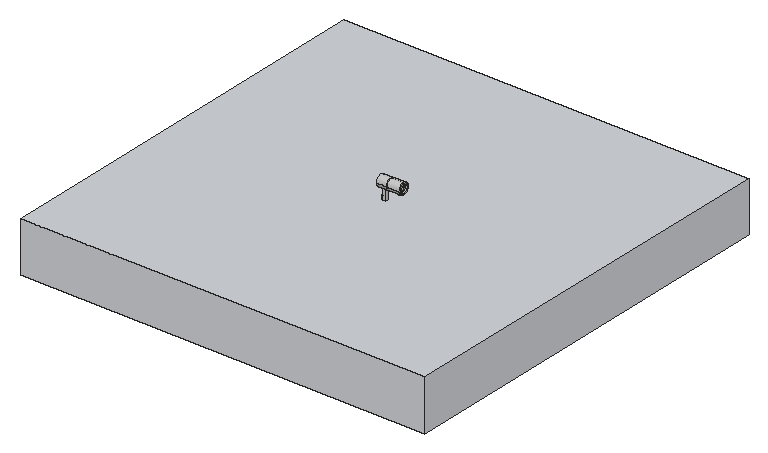
Revit family "LAMP_HANCE 48V 1000-2000 FLOOD DALI", category Luminarias, Revit 2015
Parameters (values of type "625LM 2700 FLOOD BLACK")
  Weight = 0.435 kg
  Type = "COB PHILIPS"
  Tilting angle [instance] = 90.00°
  Tilting [instance] = if(Tilting angle < 0.00°, 0.00°, if(Tilting angle > 90.00°, 90.00°, Tilting angle))  # 90.00°
  Rotation angle [instance] = 90.00°
  Protection rating = "IP20"
  Product datasheet = "http://www.lamp.es/product-files/TECH/HS1TL10FL827DBB-EN.pdf"
  Product code = "HS1TL10FL827DBB"
  Product URL = "https://www.lamp.es/en/family/hance-48v_195581"
  Power Supply = "48V DC"
  Power = 9 W
  Plum = 9.4 W
  Photometric web file = Cuerpo Hance 48V BASE 1000_2000 (tilting)_FL : 625LM 2700 FLOOD BLACK
  Modelo = Product code  # "HS1TL10FL827DBB"
  Model explanation = "Availability of tilting between 0º and 90º, rotation between 0º and 355º and change ring color when placed in a project."
  Material tija = LAMP_Aluminio Hance Negro
  Manufacturer name = "LAMP"
  Manufacturer country = "Spain"
  Manufacturer URL = "http://www.lamp.es/en"
  MacAdam = "3"
  Luminaire type = "Indoor - Spotlight"
  Last update = "02/04/2019"
  Lamp = "COB LED"
  LED Lifetime = "50.000 L90 B10"
  Insulation class = "III"
  Installation instructions = "https://www.lamp.es/product-files/INS/1004290-B-INSTR.%20DE%20MONTAJE%20HANCE%2048V.pdf"
  Initial intensity = 625 lm
  Initial color = 2700 K
  IEE = "A+"
  Height = 135 mm
  Gear = "Adjustable DALI"
  Finish = "RAL9011 textured"
  Fabricante = Manufacturer name  # "LAMP"
  Default Elevation = 1219.2 mm
  Efficacy = 66 lm/W
  Diameter = 65 mm
  Descripción = "HANCE TRACK 48 1000 VWW FL DALI BK."
  Decorative ring [instance] = Aro decorativo 48V (tilting) (1000-2000) : Black
  Comentarios de tipo = Model explanation  # "Availability of tilting between 0º and 90º, rotation between 0º and 355º and change ring color when placed in a project."
  CRI = "80"
Types (12, lengths in mm): name | Product datasheet | Product code | Power | Plum | Photometric web file | Modelo | Material tija | LED Lifetime | Initial intensity | Initial color | Finish | Efficacy | Descripción
  625LM 2700 FLOOD BLACK | "http://www.lamp.es/product-files/TECH/HS1TL10FL827DBB-EN.pdf" | "HS1TL10FL827DBB" | 9 W | 9.4 W | Cuerpo Hance 48V BASE 1000_2000 (tilting)_FL : 625LM 2700 FLOOD BLACK | "HS1TL10FL827DBB" | LAMP_Aluminio Hance Negro | "50.000 L90 B10" | 625 lm | 2700 K | "RAL9011 textured" | 66 lm/W | "HANCE TRACK 48 1000 VWW FL DALI BK."
  625LM 2700 FLOOD WHITE | "http://www.lamp.es/product-files/TECH/HS1TL10FL827DBW-EN.pdf" | "HS1TL10FL827DBW" | 9 W | 9.4 W | Cuerpo Hance 48V BASE 1000_2000 (tilting)_FL : 625LM 2700 FLOOD WHITE | "HS1TL10FL827DBW" | LAMP_Aluminio Hance Blanco | "50.000 L90 B10" | 625 lm | 2700 K | "RAL9010 textured" | 66 lm/W | "HANCE TRACK 48 1000 VWW FL DALI WH."
  637LM 3000 FLOOD BLACK | "http://www.lamp.es/product-files/TECH/HS1TL10FL830DBB-EN.pdf" | "HS1TL10FL830DBB" | 9 W | 9.4 W | Cuerpo Hance 48V BASE 1000_2000 (tilting)_FL : 637LM 3000 FLOOD BLACK | "HS1TL10FL830DBB" | LAMP_Aluminio Hance Negro | "50.000 L90 B10" | 637 lm | 3000 K | "RAL9011 textured" | 68 lm/W | "HANCE TRACK 48 1000 WW FL DALI BK."
  637LM 3000 FLOOD WHITE | "http://www.lamp.es/product-files/TECH/HS1TL10FL830DBW-EN.pdf" | "HS1TL10FL830DBW" | 9 W | 9.4 W | Cuerpo Hance 48V BASE 1000_2000 (tilting)_FL : 637LM 3000 FLOOD WHITE | "HS1TL10FL830DBW" | LAMP_Aluminio Hance Blanco | "50.000 L90 B10" | 637 lm | 3000 K | "RAL9010 textured" | 68 lm/W | "HANCE TRACK 48 1000 WW FL DALI WH."
  675LM 4000 FLOOD BLACK | "http://www.lamp.es/product-files/TECH/HS1TL10FL840DBB-EN.pdf" | "HS1TL10FL840DBB" | 9 W | 9.4 W | Cuerpo Hance 48V BASE 1000_2000 (tilting)_FL : 675LM 4000 FLOOD BLACK | "HS1TL10FL840DBB" | LAMP_Aluminio Hance Negro | "50.000 L90 B10" | 675 lm | 4000 K | "RAL9011 textured" | 72 lm/W | "HANCE TRACK 48 1000 NW FL DALI BK."
  675LM 4000 FLOOD WHITE | "http://www.lamp.es/product-files/TECH/HS1TL10FL840DBW-EN.pdf" | "HS1TL10FL840DBW" | 9 W | 9.4 W | Cuerpo Hance 48V BASE 1000_2000 (tilting)_FL : 675LM 4000 FLOOD WHITE | "HS1TL10FL840DBW" | LAMP_Aluminio Hance Blanco | "50.000 L90 B10" | 675 lm | 4000 K | "RAL9010 textured" | 72 lm/W | "HANCE TRACK 48 1000 NW FL DALI WH."
  1357LM 2700 FLOOD BLACK | "http://www.lamp.es/product-files/TECH/HS1TL20FL827DBB-EN.pdf" | "HS1TL20FL827DBB" | 18 W | 16.9 W | Cuerpo Hance 48V BASE 1000_2000 (tilting)_FL : 1357LM 2700 FLOOD BLACK | "HS1TL20FL827DBB" | LAMP_Aluminio Hance Negro | "50.000 L80 B10" | 1357 lm | 2700 K | "RAL9011 textured" | 80 lm/W | "HANCE TRACK 48 2000 VWW FL DALI BK."
  1357LM 2700 FLOOD WHITE | "http://www.lamp.es/product-files/TECH/HS1TL20FL827DBW-EN.pdf" | "HS1TL20FL827DBW" | 18 W | 16.9 W | Cuerpo Hance 48V BASE 1000_2000 (tilting)_FL : 1357LM 2700 FLOOD WHITE | "HS1TL20FL827DBW" | LAMP_Aluminio Hance Blanco | "50.000 L80 B10" | 1357 lm | 2700 K | "RAL9010 textured" | 80 lm/W | "HANCE TRACK 48 2000 VWW FL DALI WH."
  1384LM 3000 FLOOD BLACK | "http://www.lamp.es/product-files/TECH/HS1TL20FL830DBB-EN.pdf" | "HS1TL20FL830DBB" | 18 W | 16.9 W | Cuerpo Hance 48V BASE 1000_2000 (tilting)_FL : 1384LM 3000 FLOOD BLACK | "HS1TL20FL830DBB" | LAMP_Aluminio Hance Negro | "50.000 L80 B10" | 1384 lm | 3000 K | "RAL9011 textured" | 82 lm/W | "HANCE TRACK 48 2000 WW FL DALI BK."
  1384LM 3000 FLOOD WHITE | "http://www.lamp.es/product-files/TECH/HS1TL20FL830DBW-EN.pdf" | "HS1TL20FL830DBW" | 18 W | 16.9 W | Cuerpo Hance 48V BASE 1000_2000 (tilting)_FL : 1384LM 3000 FLOOD WHITE | "HS1TL20FL830DBW" | LAMP_Aluminio Hance Blanco | "50.000 L80 B10" | 1384 lm | 3000 K | "RAL9010 textured" | 82 lm/W | "HANCE TRACK 48 2000 WW FL DALI WH."
  1467LM 4000 FLOOD BLACK | "http://www.lamp.es/product-files/TECH/HS1TL20FL840DBB-EN.pdf" | "HS1TL20FL840DBB" | 18 W | 16.9 W | Cuerpo Hance 48V BASE 1000_2000 (tilting)_FL : 1467LM 4000 FLOOD BLACK | "HS1TL20FL840DBB" | LAMP_Aluminio Hance Negro | "50.000 L80 B10" | 1467 lm | 4000 K | "RAL9011 textured" | 87 lm/W | "HANCE TRACK 48 2000 NW FL DALI BK."
  1467LM 4000 FLOOD WHITE | "http://www.lamp.es/product-files/TECH/HS1TL20FL840DBW-EN.pdf" | "HS1TL20FL840DBW" | 18 W | 16.9 W | Cuerpo Hance 48V BASE 1000_2000 (tilting)_FL : 1467LM 4000 FLOOD WHITE | "HS1TL20FL840DBW" | LAMP_Aluminio Hance Blanco | "50.000 L80 B10" | 1467 lm | 4000 K | "RAL9010 textured" | 87 lm/W | "HANCE TRACK 48 2000 NW FL DALI WH."
Reference planes
  plane 1 "Centro (Frontal/Posterior)": y = 0
  plane 2: z = 0
  plane 3 "Centro (Izquierda/Derecha)": x = 0
Forms (mm)
  Extrusion 1, solid
    sketch origin (0, 0, 0) x (1, 0, 0) y (0, 1, 0)
      loop
        line (-1219.2, 1219.2) -> (-1219.2, -1219.2) -> (1219.2, -1219.2) -> (1219.2, 1219.2) -> (-1219.2, 1219.2)
    from 0 to -304.8
Lines and regions (mm)
  reference lines
    curve 1: line (0, 0, 0) -> (35, 0, 0)
Text (mm)
  text "Any modification of the parameters and properties of the LAMP BIM models must be executed and validated by the LAMP technical department.\n\nPhone: +34 93 736 68 00\n\nE-mail: lamp@lamp.es\n\n\n\nLAMP reserves the right to modify the technical specifications of its products." at (-20834.097, 15882.061, -4447.286), in view "Preview"
Dimensions and locks
  "Rotation angle": angle curve 1 to plane 3 "Centro (Izquierda/Derecha)"
  aligned and locked: plane 2 to Extrusion 1
  aligned and locked: level to Extrusion 1
  aligned and locked: plane 3 "Centro (Izquierda/Derecha)" to curve 1
  aligned and locked: plane 1 "Centro (Frontal/Posterior)" to curve 1
Automatic sketch dimensions
  Extrusion 1 sketch curve to Extrusion 1 sketch curve = 2438.4 mm  (x2)
Nested families
  nested 1: "Tija 48V (1000-2000)" at (4.1, 0, 0), type "Tija 48V"
  nested 2: "Cuerpo Hance 48V BASE 1000_2000 (tilting)_FL" at (1.081, -1.967, 77.249) x (1, 0, 0) z (0, 0, -1), type <- "Photometric web file", type "625LM 2700 FLOOD BLACK"
  nested 3: "Aro decorativo 48V (tilting) (1000-2000)" at (57.856, 0, 77.274) x (0, 0, 1) z (1, 0, 0), type <- "Decorative ring", type "Black"
    with Tilting 0.00°
Definition of nested family "Tija 48V (1000-2000)"
  Parameters (values of type "Tija 48V")
    Profundidad tija = 18 mm
    Material tija = none
    Default Elevation = 1219.2 mm
    Diametro vaciado redondo = if(Anchura tija = 20 mm, 10 mm, 7.5 mm)  # 10 mm
    Anchura tija = 20 mm
    Profundo vaciado = if(Profundidad tija = 18 mm, 10.8 mm, 1 mm)  # 10.8 mm
    Ancho vaciado = Anchura tija  # 20 mm
    Altura tija = 88.5 mm
  Reference planes
    plane 1 "Centro (Frontal/Posterior)": y = 0
    plane 2: z = 0
    plane 3 "Centro (Izquierda/Derecha)": x = 0
  Forms (mm)
    Extrusion 1, solid
      sketch origin (0, 0, 0) x (1, 0, 0) y (0, 1, 0)
        loop
          line (-1219.2, 1219.2) -> (-1219.2, -1219.2) -> (1219.2, -1219.2) -> (1219.2, 1219.2) -> (-1219.2, 1219.2)
      from 0 to -304.8
    Extrusion 2, solid, material <- "Material tija"
      sketch origin (0, 0, -18) x (1, 0, 0) y (0, 0, 1)
        loop
          line (13.9, 18) -> (13.9, 106.5) -> (-6.297, 106.5)
          arc (-6.297, 106.5) -> (-12.297, 100.5) -> (-6.297, 94.5) r 6
          line (-6.297, 94.5) -> (-4.1, 94.5) -> (-4.1, 40) -> (-18.142, 40) -> (-18.142, 18) -> (-4.1, 18) -> (13.9, 18)
      from -10 to 10
    Extrusion 3, void
      sketch origin (10.8, -11.5, 0) x (-1, 0, 0) y (0, 1, 0)
        loop
          line (0, 21.5) -> (-28.341, 21.5) -> (-28.341, 1.5) -> (0, 1.5)
          arc (0, 1.5) -> (-1.264, 11.5) -> (0, 21.5) r 40.201
      from -132.265 to 0
    Extrusion 4, void
      sketch origin (27.648, 0, 0) x (1, 0, 0) y (0, 1, 0)
        loop
          line (-31.748, 10) -> (-31.748, 20) -> (-61.648, 20) -> (-61.648, -18.394) -> (-31.748, -18.394) -> (-31.748, -10)
          arc (-31.748, -10) -> (-41.748, 0) -> (-31.748, 10) r 10
      from 0 to 22
    Extrusion 5, void
      sketch origin (0, 0, 0) x (1, 0, 0) y (0, 0, 1)
        loop
          circle (-7.621, 82.5) r 3.125
        loop
          circle (-7.621, 46.9) r 3.125
      from -21.347 to 27.483
  Cuts and joins
    Extrusion 3, Extrusion 4, Extrusion 5 cuts Extrusion 2
  Lines and regions (mm)
    reference lines
      curve 1: line (10.8, -11.5, 0) -> (10.8, 11.5, 0)
  Dimensions and locks
    equal spacing: cut or joined group of Extrusion 2, Extrusion 3, Extrusion 4, Extrusion 5, plane 1 "Centro (Frontal/Posterior)", cut or joined group of Extrusion 2, Extrusion 3, Extrusion 4, Extrusion 5
    "Anchura tija": cut or joined group of Extrusion 2, Extrusion 3, Extrusion 4, Extrusion 5 to cut or joined group of Extrusion 2, Extrusion 3, Extrusion 4, Extrusion 5
    plane 1 "Centro (Frontal/Posterior)" to Extrusion 3 sketch curve = 10 mm
    "Altura tija": Extrusion 2 sketch curve to Extrusion 2 sketch curve
    "Profundidad tija": cut or joined group of Extrusion 2, Extrusion 3, Extrusion 4, Extrusion 5 to cut or joined group of Extrusion 2, Extrusion 3, Extrusion 4, Extrusion 5
    locked: cut or joined group of Extrusion 2, Extrusion 3, Extrusion 4, Extrusion 5 to plane 3 "Centro (Izquierda/Derecha)" at 4.1
    locked: plane 3 "Centro (Izquierda/Derecha)" to Extrusion 3 sketch curve at 39.141
    "Profundo vaciado": plane 3 "Centro (Izquierda/Derecha)" to curve 1
    "Ancho vaciado": Extrusion 3 sketch curve to Extrusion 3 sketch curve
    equal spacing: Extrusion 3 sketch curve, plane 1 "Centro (Frontal/Posterior)", Extrusion 3 sketch curve
    "Diametro vaciado redondo": radius of Extrusion 4 sketch curve
    aligned and locked: plane 2 to Extrusion 1
    aligned and locked: level to Extrusion 1
  Automatic sketch dimensions
    Extrusion 1 sketch curve to Extrusion 1 sketch curve = 2438.4 mm  (x2)
    Extrusion 5 sketch curve to plane 3 "Centro (Izquierda/Derecha)" = 7.621 mm  (x2)
    level to Extrusion 5 sketch curve = 46.9 mm
    Extrusion 5 sketch curve to Extrusion 5 sketch curve = 35.6 mm
    Extrusion 5 sketch curve to Extrusion 5 sketch curve = 3.125 mm  (x2)
    Extrusion 2 sketch curve to level = 0 mm
    Extrusion 2 sketch curve to plane 3 "Centro (Izquierda/Derecha)" = 18.142 mm
    Extrusion 2 sketch curve to plane 3 "Centro (Izquierda/Derecha)" = 6.297 mm
    Extrusion 2 sketch curve to plane 3 "Centro (Izquierda/Derecha)" = 4.1 mm  (x2)
    plane 3 "Centro (Izquierda/Derecha)" to Extrusion 2 sketch curve = 13.9 mm
    level to Extrusion 2 sketch curve = 22 mm
    Extrusion 2 sketch curve to Extrusion 2 sketch curve = 12 mm
    plane 1 "Centro (Frontal/Posterior)" to curve 1 = 11.5 mm
    curve 1 to plane 1 "Centro (Frontal/Posterior)" = 11.5 mm
    Extrusion 3 sketch curve to curve 1 = 0 mm  (x2)
    curve 1 to Extrusion 3 sketch curve = 38.937 mm
    plane 1 "Centro (Frontal/Posterior)" to Extrusion 4 sketch curve = 0 mm
    Extrusion 4 sketch curve to plane 3 "Centro (Izquierda/Derecha)" = 34 mm
    Extrusion 4 sketch curve to plane 3 "Centro (Izquierda/Derecha)" = 4.1 mm
    plane 1 "Centro (Frontal/Posterior)" to Extrusion 4 sketch curve = 18.394 mm
    Extrusion 4 sketch curve to Extrusion 4 sketch curve = 10 mm
Definition of nested family "Cuerpo Hance 48V BASE 1000_2000 (tilting)_FL"
  Parameters (values of type "625LM 2700 FLOOD BLACK")
    Tilting = 90.00°
    Photometric web file = Cuerpo Hance 48V BASE 1000_2000_FL : 625LM 2700 FLOOD BLACK
    Longitud cuerpo = 135 mm
    Default Elevation = 1219.2 mm
  Types (13, lengths in mm): name | Photometric web file
    (no name) | Cuerpo Hance 48V BASE 1000_2000_FL : 625LM 2700 FLOOD BLACK
    625LM 2700 FLOOD BLACK | Cuerpo Hance 48V BASE 1000_2000_FL : 625LM 2700 FLOOD BLACK
    625LM 2700 FLOOD WHITE | Cuerpo Hance 48V BASE 1000_2000_FL : 625LM 2700 FLOOD WHITE
    637LM 3000 FLOOD BLACK | Cuerpo Hance 48V BASE 1000_2000_FL : 637LM 3000 FLOOD BLACK
    637LM 3000 FLOOD WHITE | Cuerpo Hance 48V BASE 1000_2000_FL : 637LM 3000 FLOOD WHITE
    675LM 4000 FLOOD BLACK | Cuerpo Hance 48V BASE 1000_2000_FL : 675LM 4000 FLOOD BLACK
    675LM 4000 FLOOD WHITE | Cuerpo Hance 48V BASE 1000_2000_FL : 675LM 4000 FLOOD WHITE
    1357LM 2700 FLOOD BLACK | Cuerpo Hance 48V BASE 1000_2000_FL : 1357LM 2700 FLOOD BLACK
    1357LM 2700 FLOOD WHITE | Cuerpo Hance 48V BASE 1000_2000_FL : 1357LM 2700 FLOOD WHITE
    1384LM 3000 FLOOD BLACK | Cuerpo Hance 48V BASE 1000_2000_FL : 1384LM 3000 FLOOD BLACK
    1384LM 3000 FLOOD WHITE | Cuerpo Hance 48V BASE 1000_2000_FL : 1384LM 3000 FLOOD WHITE
    1467LM 4000 FLOOD BLACK | Cuerpo Hance 48V BASE 1000_2000_FL : 1467LM 4000 FLOOD BLACK
    1467LM 4000 FLOOD WHITE | Cuerpo Hance 48V BASE 1000_2000_FL : 1467LM 4000 FLOOD WHITE
  Reference planes
    plane 1 "Centro (Frontal/Posterior)": y = 0
    plane 2: z = 0
    plane 3 "Centro (Izquierda/Derecha)": x = 0
  Lines and regions (mm)
    reference lines
      curve 1: line (0, 0, 0) -> (200, 0, 0)
  Dimensions and locks
    "Tilting": angle plane 3 "Centro (Izquierda/Derecha)" to curve 1
    aligned and locked: level to plane 2
    aligned and locked: plane 3 "Centro (Izquierda/Derecha)" to curve 1
    aligned and locked: plane 2 to curve 1
  Nested families
    nested 1: "Cuerpo Hance 48V BASE 1000_2000_FL" at (21.857, -1.967, 11.25), type <- "Photometric web file", type "625LM 2700 FLOOD BLACK"
  Definition of nested family "Cuerpo Hance 48V BASE 1000_2000_FL"
    Parameters (values of type "625LM 2700 FLOOD BLACK")
      Tilt Angle = 90.00° + Tilting  # 180.00°
      Wattage = 9.4 W
      Tilting = 90.00°
      built-in parameter 1150107 = 2700 (stored number, unit not read)
      Radio vacio posterior = Radio cuerpo - 2.2 mm  # 30.3 mm
      Radio vaciado = Radio cuerpo - 1.5 mm  # 31 mm
      Radio optica = if(Radio cuerpo = 20 mm, 10 mm, 23 mm)  # 23 mm
      Radio cuerpo = if(Longitud cuerpo = 78 mm, 20 mm, 32.5 mm)  # 32.5 mm
      built-in parameter 1150110 = 1 (stored number, unit not read)
      built-in parameter 1150109 = 1 (stored number, unit not read)
      built-in parameter 1150112 = 1 (stored number, unit not read)
      built-in parameter 1150113 = 1 (stored number, unit not read)
      built-in parameter 1114218 = 1 (stored number, unit not read)
      built-in parameter 1150137 = (empty or 0)
      built-in parameter 1150132 = 2
      Material reflector = none
      Material optica = none
      Material cuerpo = none
      Material COB = none
      Longitud cuerpo = 135 mm
      Long. origen luz = if(Longitud cuerpo = 78 mm, 20 mm, 77 mm)  # 77 mm
      L_2 = if(Ancho disipador posterior = 32 mm, 9.5 mm, 21 mm)  # 21 mm
      L_1 = if(Ancho disipador posterior = 32 mm, 13 mm, 27 mm)  # 27 mm
      built-in parameter 1150105 = 2150.4 (stored number, unit not read)
      built-in parameter 1150102 = (empty or 0)
      built-in parameter 1150106 = 21.504 (stored number, unit not read)
      Lumens = 620.4 lm
      Color Filter = 16777215
      built-in parameter 1114217 = 1 (stored number, unit not read)
      built-in parameter 1150139 = (empty or 0)
      Default Elevation = 1219.2 mm
      built-in parameter 1150104 = 6.1316 (stored number, unit not read)
      Efficacy = 66 lm/W
      Diametro aro = if(Radio cuerpo = 20 mm, 17.9 mm, 30.4 mm)  # 30.4 mm
      built-in parameter 1150115 = 1 (stored number, unit not read)
      built-in parameter 1150114 = 1 (stored number, unit not read)
      built-in parameter 1150138 = (empty or 0)
      built-in parameter 1150134 = (empty or 0)
      Dimming Lamp Color Temperature Shift = (empty or 0)
      Photometric Web File = "HS1TL10FL827NBB.IES"
      Ancho vaciado reflector = Ancho reflector - 1 mm  # 23 mm
      Ancho reflector = 24 mm
      Ancho disipador posterior = if(Radio cuerpo = 20 mm, 32 mm, 57 mm)  # 57 mm
      built-in parameter 1150133 = 10 (stored number, unit not read)
      Altura disipador superior = if(Radio cuerpo = 20 mm, 44.3 mm, 45.3 mm)  # 45.3 mm
      Ancho disipador superior = if(Radio cuerpo = 20 mm, 16.8 mm, 22.6 mm)  # 22.6 mm
    Types (12, lengths in mm): name | Wattage | built-in parameter 1150107 | built-in parameter 1150105 | built-in parameter 1150106 | Lumens | built-in parameter 1150104 | Efficacy | built-in parameter 1150134 | Photometric Web File
      625LM 2700 FLOOD BLACK | 9.4 W | 2700 (stored number, unit not read) | 2150.4 (stored number, unit not read) | 21.504 (stored number, unit not read) | 620.4 lm | 6.1316 (stored number, unit not read) | 66 lm/W | (empty or 0) | "HS1TL10FL827NBB.IES"
      625LM 2700 FLOOD WHITE | 9.4 W | 2700 (stored number, unit not read) | 2150.4 (stored number, unit not read) | 21.504 (stored number, unit not read) | 620.4 lm | 6.1316 (stored number, unit not read) | 66 lm/W | (empty or 0) | "HS1TL10FL827NBW.IES"
      637LM 3000 FLOOD BLACK | 9.4 W | 3000 (stored number, unit not read) | 1228.7 (stored number, unit not read) | 12.287 (stored number, unit not read) | 639.2 lm | 6.3174 (stored number, unit not read) | 68 lm/W | (empty or 0) | "HS1TL10FL830NBB.IES"
      637LM 3000 FLOOD WHITE | 9.4 W | 3000 (stored number, unit not read) | 1228.7 (stored number, unit not read) | 12.287 (stored number, unit not read) | 639.2 lm | 6.3174 (stored number, unit not read) | 68 lm/W | (empty or 0) | "HS1TL10FL830NBW.IES"
      675LM 4000 FLOOD BLACK | 9.4 W | 4000 (stored number, unit not read) | 1301 (stored number, unit not read) | 13.01 (stored number, unit not read) | 676.8 lm | 6.689 (stored number, unit not read) | 72 lm/W | 12 | "HS1TL10FL840NBB.IES"
      675LM 4000 FLOOD WHITE | 9.4 W | 4000 (stored number, unit not read) | 1301 (stored number, unit not read) | 13.01 (stored number, unit not read) | 676.8 lm | 6.689 (stored number, unit not read) | 72 lm/W | 12 | "HS1TL10FL840NBW.IES"
      1357LM 2700 FLOOD BLACK | 16.9 W | 2700 (stored number, unit not read) | 2598.9 (stored number, unit not read) | 25.989 (stored number, unit not read) | 1352 lm | 7.4322 (stored number, unit not read) | 80 lm/W | (empty or 0) | "HS1TL20FL827NBB.IES"
      1357LM 2700 FLOOD WHITE | 16.9 W | 2700 (stored number, unit not read) | 2598.9 (stored number, unit not read) | 25.989 (stored number, unit not read) | 1352 lm | 7.4322 (stored number, unit not read) | 80 lm/W | (empty or 0) | "HS1TL20FL827NBW.IES"
      1384LM 3000 FLOOD BLACK | 16.9 W | 3000 (stored number, unit not read) | 2762.8 (stored number, unit not read) | 27.628 (stored number, unit not read) | 1385.8 lm | 7.618 (stored number, unit not read) | 82 lm/W | (empty or 0) | "HS1TL20FL830NBB.IES"
      1384LM 3000 FLOOD WHITE | 16.9 W | 3000 (stored number, unit not read) | 2762.8 (stored number, unit not read) | 27.628 (stored number, unit not read) | 1385.8 lm | 7.618 (stored number, unit not read) | 82 lm/W | (empty or 0) | "HS1TL20FL830NBW.IES"
      1467LM 4000 FLOOD BLACK | 16.9 W | 4000 (stored number, unit not read) | 2931.2 (stored number, unit not read) | 29.312 (stored number, unit not read) | 1470.3 lm | 8.0826 (stored number, unit not read) | 87 lm/W | 12 | "HS1TL20FL840NBB.IES"
      1467LM 4000 FLOOD WHITE | 16.9 W | 4000 (stored number, unit not read) | 2931.2 (stored number, unit not read) | 29.312 (stored number, unit not read) | 1470.3 lm | 8.0826 (stored number, unit not read) | 87 lm/W | 12 | "HS1TL20FL840NBW.IES"
    Reference planes
      plane 1 "Centro (Frontal/Posterior)": y = 0
      plane 2: z = 0
      plane 3 "Centro (Izquierda/Derecha)": x = 0
    Forms (mm)
      Extrusion 1, solid, material <- "Material cuerpo"
        sketch origin (0, 0, 0) x (0, -1, 0) y (0, 0, 1)
          loop
            circle (0, -27.875) r 32.5
        from -93 to 42
      Extrusion 2, void
        sketch origin (0, 0, 0) x (0, 1, 0) y (0, 0, 1)
          loop
            line (11.3, 30) -> (-11.3, 30) -> (-11.3, -15.3)
            arc (-11.3, -15.3) -> (0, -16.149) -> (11.3, -15.3) r 75.643
            line (11.3, -15.3) -> (11.3, 30)
        from -42 to -9.283
      Extrusion 3, void
        sketch origin (0, 0, 0) x (0, 1, 0) y (0, 0, 1)
          loop
            circle (0, -27.875) r 30.3
        from -42 to -41
      Extrusion 4, void
        sketch origin (0, 0, 0) x (0, 1, 0) y (0, 0, 1)
          loop
            line (28.5, -26.291) -> (-28.5, -26.291)
            arc (-28.5, -26.291) -> (-29.7, -27.491) -> (-28.5, -28.691) r 1.2
            line (-28.5, -28.691) -> (28.5, -28.691)
            arc (28.5, -28.691) -> (29.7, -27.491) -> (28.5, -26.291) r 1.2
          loop
            line (28.115, -30.891) -> (-28.115, -30.891)
            arc (-28.115, -30.891) -> (-29.315, -32.091) -> (-28.115, -33.291) r 1.2
            line (-28.115, -33.291) -> (28.115, -33.291)
            arc (28.115, -33.291) -> (29.315, -32.091) -> (28.115, -30.891) r 1.2
          loop
            line (27, -35.404) -> (-25.984, -35.404)
            arc (-25.984, -35.404) -> (-27.184, -36.604) -> (-25.984, -37.804) r 1.2
            line (-25.984, -37.804) -> (27, -37.804)
            arc (27, -37.804) -> (28.2, -36.604) -> (27, -35.404) r 1.2
          loop
            line (21, -39.58) -> (-21.697, -39.58)
            arc (-21.697, -39.58) -> (-22.897, -40.78) -> (-21.697, -41.98) r 1.2
            line (-21.697, -41.98) -> (21, -41.98)
            arc (21, -41.98) -> (22.2, -40.78) -> (21, -39.58) r 1.2
        from -42 to -38.7
      Extrusion 5, void
        sketch origin (0, 0, 0) x (-1, 0, 0) y (0, -1, 0)
          loop
            line (37.7, -6.3) -> (37.7, 6.3)
            arc (37.7, 6.3) -> (36.6, 7.4) -> (35.5, 6.3) r 1.1
            line (35.5, 6.3) -> (35.5, -6.3)
            arc (35.5, -6.3) -> (36.6, -7.4) -> (37.7, -6.3) r 1.1
          loop
            line (28.9, -6.3) -> (28.9, 6.3)
            arc (28.9, 6.3) -> (27.8, 7.4) -> (26.7, 6.3) r 1.1
            line (26.7, 6.3) -> (26.7, -6.3)
            arc (26.7, -6.3) -> (27.8, -7.4) -> (28.9, -6.3) r 1.1
          loop
            line (20.1, -6.3) -> (20.1, 6.3)
            arc (20.1, 6.3) -> (19, 7.4) -> (17.9, 6.3) r 1.1
            line (17.9, 6.3) -> (17.9, -6.3)
            arc (17.9, -6.3) -> (19, -7.4) -> (20.1, -6.3) r 1.1
        from -18.74 to 30
      Extrusion 6, void
        sketch origin (0, 0, 0) x (-1, 0, 0) y (0, -1, 0)
          loop
            line (33.3, -6.3) -> (33.3, 6.3)
            arc (33.3, 6.3) -> (32.2, 7.4) -> (31.1, 6.3) r 1.1
            line (31.1, 6.3) -> (31.1, -6.3)
            arc (31.1, -6.3) -> (32.2, -7.4) -> (33.3, -6.3) r 1.1
          loop
            line (24.5, -6.3) -> (24.5, 6.3)
            arc (24.5, 6.3) -> (23.4, 7.4) -> (22.3, 6.3) r 1.1
            line (22.3, 6.3) -> (22.3, -6.3)
            arc (22.3, -6.3) -> (23.4, -7.4) -> (24.5, -6.3) r 1.1
        from -16.455 to 30
      Extrusion 7, void
        sketch origin (0, 0, 0) x (0, 1, 0) y (0, 0, 1)
          loop
            circle (0, -27.875) r 31
        from 17.213 to 93
      Extrusion 8, solid, material <- "Material COB"
        sketch origin (0, 0, 0) x (0, -1, 0) y (0, 0, 1)
          loop
            circle (0, -27.875) r 7.733
        from -75.2 to -74.213
      Revolve 9, solid, material <- "Material reflector"
        sketch origin (0, 0, 0) x (1, 0, 0) y (0, 0, 1)
          loop
            line (79.5, -3.875) -> (74.213, -6.142) -> (73.213, -6.57) -> (73.213, -27.875) -> (74.213, -27.875) -> (74.213, -20.142) -> (75.2, -20.142) -> (79.5, -4.875) -> (79.5, -3.875)
          axis (73.213, -27.875) -> (79.5, -27.875)
        angle from 0 to 360
    Cuts and joins
      Extrusion 2, Extrusion 3, Extrusion 4, Extrusion 5, Extrusion 6, Extrusion 7 cuts Extrusion 1
    Lines and regions (mm)
      reference lines
        curve 1: line (0, 0, 0) -> (178.042, 0, 0)
        curve 2: line (36, 0, -27.875) -> (113, 0, -27.875)
        curve 3: line (0, 0, 0) -> (0, 0, -75)
        curve 4: line (36, 0, -22.875) -> (36, 0, -32.875)
    Text (mm)
      text "Any modification of the parameters and properties of the LAMP BIM models must be executed and validated by the LAMP technical department.\n\nPhone: +34 93 736 68 00\n\nE-mail: lamp@lamp.es\n\n\n\nLAMP reserves the right to modify the technical specifications of its products." at (97482.136, -81600.41, 57308.082), in view "Preview"
    Dimensions and locks
      "Longitud cuerpo": cut or joined group of Extrusion 1, Extrusion 2, Extrusion 3, Extrusion 4, Extrusion 5, Extrusion 6, Extrusion 7 to cut or joined group of Extrusion 1, Extrusion 2, Extrusion 3, Extrusion 4, Extrusion 5, Extrusion 6, Extrusion 7
      locked: cut or joined group of Extrusion 1, Extrusion 2, Extrusion 3, Extrusion 4, Extrusion 5, Extrusion 6, Extrusion 7 to curve 3 at 42
      "Long. origen luz": curve 4 to curve 2
      equal spacing: Extrusion 4 sketch curve, plane 1 "Centro (Frontal/Posterior)", Extrusion 4 sketch curve
      "Ancho disipador posterior": Extrusion 4 sketch curve to Extrusion 4 sketch curve
      "L_1": Extrusion 4 sketch curve to plane 1 "Centro (Frontal/Posterior)"
      "L_2": Extrusion 4 sketch curve to curve 3
      equal spacing: Extrusion 2 sketch curve, plane 1 "Centro (Frontal/Posterior)", Extrusion 2 sketch curve
      "Ancho disipador superior": Extrusion 2 sketch curve to Extrusion 2 sketch curve
      "Altura disipador superior": Extrusion 2 sketch curve to Extrusion 2 sketch curve
      locked: plane 2 to Extrusion 2 sketch curve at 30
      locked: Extrusion 8 to Extrusion 8 at 0.987
      locked: cut or joined group of Extrusion 1, Extrusion 2, Extrusion 3, Extrusion 4, Extrusion 5, Extrusion 6, Extrusion 7 to Extrusion 8 at 17.8
      "Ancho reflector": Revolve 9 sketch curve to imposter light
      locked: Revolve 9 to cut or joined group of Extrusion 1, Extrusion 2, Extrusion 3, Extrusion 4, Extrusion 5, Extrusion 6, Extrusion 7 at 13.5
      "Radio cuerpo": radius of Extrusion 1 sketch curve
      "Radio vaciado": radius of Extrusion 7 sketch curve
      "Radio vacio posterior": radius of Extrusion 3 sketch curve
      "Tilting": angle plane 3 "Centro (Izquierda/Derecha)" to curve 1
      aligned and locked: level to plane 2
      aligned and locked: imposter light to curve 2  (x2)
      aligned and locked: cut or joined group of Extrusion 1, Extrusion 2, Extrusion 3, Extrusion 4, Extrusion 5, Extrusion 6, Extrusion 7 to cut or joined group of Extrusion 1, Extrusion 2, Extrusion 3, Extrusion 4, Extrusion 5, Extrusion 6, Extrusion 7
    Automatic sketch dimensions
      Extrusion 8 sketch curve to plane 1 "Centro (Frontal/Posterior)" = 0 mm
      curve 1 to Extrusion 5 sketch curve = 17.9 mm
      Extrusion 5 sketch curve to Extrusion 5 sketch curve = 1.1 mm  (x3)
      Extrusion 5 sketch curve to Extrusion 5 sketch curve = 6.6 mm  (x2)
      Extrusion 5 sketch curve to curve 1 = 6.3 mm  (x3)
      curve 1 to Extrusion 5 sketch curve = 6.3 mm  (x3)
      Extrusion 6 sketch curve to curve 1 = 6.3 mm  (x2)
      curve 1 to Extrusion 6 sketch curve = 22.3 mm
      Extrusion 6 sketch curve to Extrusion 6 sketch curve = 1.1 mm  (x2)
      Extrusion 6 sketch curve to Extrusion 6 sketch curve = 6.6 mm
      curve 1 to Extrusion 6 sketch curve = 6.3 mm
      Extrusion 6 sketch curve to Extrusion 6 sketch curve = 0 mm
      Extrusion 1 sketch curve to plane 1 "Centro (Frontal/Posterior)" = 0 mm
      Extrusion 1 sketch curve to level = 27.875 mm
      Extrusion 2 sketch curve to plane 1 "Centro (Frontal/Posterior)" = 0 mm
      Extrusion 2 sketch curve to Extrusion 2 sketch curve = 29.494 mm
      Extrusion 3 sketch curve to plane 1 "Centro (Frontal/Posterior)" = 0 mm
      Extrusion 3 sketch curve to level = 27.875 mm
      Extrusion 4 sketch curve to Extrusion 4 sketch curve = 0.385 mm  (x2)
      Extrusion 4 sketch curve to Extrusion 4 sketch curve = 2.132 mm
      Extrusion 4 sketch curve to Extrusion 4 sketch curve = 4.287 mm
      Extrusion 4 sketch curve to level = 41.98 mm
      Extrusion 4 sketch curve to Extrusion 4 sketch curve = 1.2 mm  (x4)
      Extrusion 4 sketch curve to Extrusion 4 sketch curve = 1.776 mm
      Extrusion 4 sketch curve to Extrusion 4 sketch curve = 2.113 mm
      Extrusion 4 sketch curve to Extrusion 4 sketch curve = 2.2 mm
      Extrusion 7 sketch curve to plane 1 "Centro (Frontal/Posterior)" = 0 mm
      Extrusion 7 sketch curve to level = 27.875 mm
      curve 1 to level = 0 mm
      curve 1 to plane 3 "Centro (Izquierda/Derecha)" = 0 mm
      curve 3 to curve 1 = 0 mm  (x2)
      curve 3 to curve 1 = 75 mm
      curve 1 to curve 4 = 36 mm
      curve 1 to curve 4 = 32.875 mm
      curve 1 to curve 2 = 27.875 mm
      curve 2 to curve 4 = 5 mm
      Revolve 9 sketch curve to level = 6.57 mm
      plane 3 "Centro (Izquierda/Derecha)" to Revolve 9 sketch curve = 73.213 mm
      Revolve 9 sketch curve to level = 6.142 mm
      Revolve 9 sketch curve to Revolve 9 sketch curve = 1 mm  (x3)
      Revolve 9 sketch curve to level = 20.142 mm
      Revolve 9 sketch curve to Revolve 9 sketch curve = 0.987 mm
      Revolve 9 sketch curve to Revolve 9 sketch curve = 5.287 mm
      Revolve 9 sketch curve to Revolve 9 sketch curve = 7.733 mm
      Revolve 9 sketch curve to Revolve 9 sketch curve = 0 mm  (x2)
      Revolve 9 sketch curve to Revolve 9 sketch curve = 18.787 mm
      radius of Extrusion 8 sketch curve = 7.733 mm
Definition of nested family "Aro decorativo 48V (tilting) (1000-2000)"
  Parameters (values of type "Copper")
    Weight (1000/2000) = 0.01 kg
    Weight (500) = 0.004 kg
    Tilting = 90.00°
    Product datasheet = ""
    Product code (1000/2000) = "HSRI65C"
    Product code (500) = "HSRI40C"
    Product URL = ""
    Model = ""
    Material aro secundario = none
    Material aro = none
    Manufacturer name = "LAMP"
    Manufacturer country = "Spain"
    Manufacturer URL = "http://www.lamp.es/en"
    Longitud = 47.9 mm
    Last update = "18/03/2019"
    Installation instructions = ""
    Finish = "Metalized matt copper"
    Manufacturer = Manufacturer name  # "LAMP"
    Default Elevation = 1219.2 mm
    Diameter (1000/2000) = 65 mm
    Diameter (500) = 40 mm
    Description = ""
    Accessory Type = "Optic"
    1000/2000 Model = "HSRI65C"
    1000/2000 Description = "HANCE 1000/2000 ACC. RING DECO CO."
    500 Model = "HSRI40C"
    500 Description = "HANCE 500 ACC. RING DECO CO."
  Types (5, lengths in mm): name | Product code (1000/2000) | Product code (500) | Finish | 1000/2000 Model | 1000/2000 Description | 500 Model | 500 Description
    (no name) | "HSRI65C" | "HSRI40C" | "Metalized matt copper" | "HSRI65C" | "HANCE 1000/2000 ACC. RING DECO CO." | "HSRI40C" | "HANCE 500 ACC. RING DECO CO."
    Black | "" | "" | "Matt black" | "" | "" | "" | ""
    Copper | "HSRI65C" | "HSRI40C" | "Metalized matt copper" | "HSRI65C" | "HANCE 1000/2000 ACC. RING DECO CO." | "HSRI40C" | "HANCE 500 ACC. RING DECO CO."
    Grey | "HSRI65M" | "HSRI40M" | "Metalized matt silver" | "HSRI65M" | "HANCE 1000/2000 ACC. RING DECO MET." | "HSRI40M" | "HANCE 500 ACC. RING DECO MET."
    White | "HSRI65W" | "HSRI40W" | "Matt black" | "HSRI65W" | "HANCE 1000/2000 ACC. RING DECO WH." | "HSRI40W" | "HANCE 500 ACC. RING DECO WH."
  Reference planes
    plane 1 "Centro (Frontal/Posterior)": y = 0
    plane 2: z = 0
    plane 3 "Centro (Izquierda/Derecha)": x = 0
  Lines and regions (mm)
    reference lines
      curve 1: line (0, 0, 0) -> (0, 0, -16.564)
      curve 2: line (0, 0, -16.564) -> (47.89, 0, -16.564)
  Text (mm)
    text "Any modification of the parameters and properties of the LAMP BIM models must be executed and validated by the LAMP technical department.\n\nPhone: +34 93 736 68 00\n\nE-mail: lamp@lamp.es\n\n\n\nLAMP reserves the right to modify the technical specifications of its products." at (86527.204, -96597.187, 50741.736), in view "Preview"
  Dimensions and locks
    "Tilting": angle curve 1 to plane 2
    aligned and locked: level to plane 2
    aligned and locked: plane 3 "Centro (Izquierda/Derecha)" to curve 1
    aligned and locked: plane 2 to curve 1
  Automatic sketch dimensions
    curve 2 to curve 1 = 0 mm
    curve 1 to curve 2 = 0 mm
    curve 1 to curve 2 = 47.89 mm
  Nested families
    nested 1: "Aro decorativo 48V (1000-2000)" at (-0.01, 0, 0), type "Copper"
  Definition of nested family "Aro decorativo 48V (1000-2000)"
    Parameters (values of type "Copper")
      Weight (1000/2000) = 0.01 kg
      Weight (500) = 0.004 kg
      Product datasheet = ""
      Product code (1000/2000) = "HSRI65C"
      Product code (500) = "HSRI40C"
      Product URL = ""
      Model = ""
      Material aro secundario = none
      Material aro = none
      Manufacturer name = "LAMP"
      Manufacturer country = "Spain"
      Manufacturer URL = "http://www.lamp.es/en"
      Longitud = 47.9 mm
      Last update = "18/03/2019"
      Installation instructions = ""
      Finish = "Metalized matt copper"
      Manufacturer = Manufacturer name  # "LAMP"
      Radio vaciado aro interior = 24.921 mm
      Radio vaciado aro exterior = 30 mm
      Radio aro interior = 25.985 mm
      Radio aro exterior = 31 mm
      Default Elevation = 1219.2 mm
      Diameter (1000/2000) = 65 mm
      Diameter (500) = 40 mm
      Description = ""
      Accessory Type = "Optic"
      1000/2000 Model = "HSRI65C"
      1000/2000 Description = "HANCE 1000/2000 ACC. RING DECO CO."
      500 Description = "HANCE 500 ACC. RING DECO CO."
      500 Model = "HSRI40C"
    Types (5, lengths in mm): name | Product code (1000/2000) | Product code (500) | Finish | Radio vaciado aro interior | Radio aro interior | 1000/2000 Model | 1000/2000 Description | 500 Description | 500 Model
      (no name) | "HSRI65C" | "HSRI40C" | "Metalized matt copper" | 24.921 | 25.985 | "HSRI65C" | "HANCE 1000/2000 ACC. RING DECO CO." | "HANCE 500 ACC. RING DECO CO." | "HSRI40C"
      Black | "" | "" | "Matt black" | 24.9 | 26 | "" | "" | "" | ""
      Copper | "HSRI65C" | "HSRI40C" | "Metalized matt copper" | 24.921 | 25.985 | "HSRI65C" | "HANCE 1000/2000 ACC. RING DECO CO." | "HANCE 500 ACC. RING DECO CO." | "HSRI40C"
      Grey | "HSRI65M" | "HSRI40M" | "Metalized matt silver" | 24.9 | 26 | "HSRI65M" | "HANCE 1000/2000 ACC. RING DECO MET." | "HANCE 500 ACC. RING DECO MET." | "HSRI40M"
      White | "HSRI65W" | "HSRI40W" | "Matt white" | 24.9 | 26 | "HSRI65W" | "HANCE 1000/2000 ACC. RING DECO WH." | "HANCE 500 ACC. RING DECO WH." | "HSRI40W"
    Reference planes
      plane 1 "Centro (Frontal/Posterior)": y = 0
      plane 2: z = 0
      plane 3 "Centro (Izquierda/Derecha)": x = 0
    Forms (mm)
      Revolve 1, solid, material <- "Material aro"
        sketch origin (0, 0, -16.6) x (1, 0, 0) y (0, 0, 1)
          loop
            line (46.082, 0) -> (58.082, 0) -> (58.082, 31) -> (46.082, 25.921) -> (46.082, 0)
          axis (58.082, 0) -> (46.082, 0)
        angle from 0 to 360
      Revolve 2, void
        sketch origin (0, 0, -16.6) x (1, 0, 0) y (0, 0, 1)
          loop
            line (58.082, 30) -> (46.082, 24.921) -> (46.082, 0) -> (58.082, 0) -> (58.082, 30)
          axis (46.082, 0) -> (58.082, 0)
        angle from 0 to 360
      Revolve 3, solid, material <- "Material aro secundario"
        sketch origin (0, 0, 0) x (1, 0, 0) y (0, 0, 1)
          loop
            line (46.082, -16.6) -> (46.082, 9.321) -> (42.782, 7.294) -> (42.782, -16.6) -> (46.082, -16.6)
          axis (42.782, -16.6) -> (46.082, -16.6)
        angle from 0 to 360
      Revolve 4, void
        sketch origin (0, 0, 0) x (1, 0, 0) y (0, 0, 1)
          loop
            line (42.782, -16.6) -> (46.082, -16.6) -> (46.082, 8.321) -> (42.782, 6.294) -> (42.782, -16.6)
          axis (42.782, -16.6) -> (46.082, -16.6)
        angle from 0 to 360
    Cuts and joins
      Revolve 2 cuts Revolve 1
      Revolve 4 cuts Revolve 3
    Lines and regions (mm)
      reference lines
        curve 1: line (0, 0, -16.6) -> (47.9, 0, -16.6)
    Text (mm)
      text "Any modification of the parameters and properties of the LAMP BIM models must be executed and validated by the LAMP technical department.\n\nPhone: +34 93 736 68 00\n\nE-mail: lamp@lamp.es\n\n\n\nLAMP reserves the right to modify the technical specifications of its products." at (91886.357, -93022.329, 47898.266), in view "Preview"
    Dimensions and locks
      "Radio aro exterior": Revolve 1 sketch curve to Revolve 1 sketch curve
      "Radio vaciado aro exterior": Revolve 2 sketch curve to Revolve 2 sketch curve
      "Longitud": curve 1 to plane 3 "Centro (Izquierda/Derecha)"
      "Radio aro interior": Revolve 1 sketch curve to Revolve 1 sketch curve
      "Radio vaciado aro interior": Revolve 2 sketch curve to Revolve 2 sketch curve
      aligned and locked: level to plane 2
    Automatic sketch dimensions
      Revolve 3 sketch curve to plane 3 "Centro (Izquierda/Derecha)" = 0 mm
      Revolve 3 sketch curve to level = 16.6 mm
      plane 3 "Centro (Izquierda/Derecha)" to Revolve 3 sketch curve = 42.782 mm
      Revolve 3 sketch curve to Revolve 3 sketch curve = 3.3 mm
      level to Revolve 3 sketch curve = 7.294 mm
      Revolve 3 sketch curve to Revolve 3 sketch curve = 1.818 mm
      Revolve 3 sketch curve to Revolve 3 sketch curve = 0 mm
      Revolve 3 sketch curve to Revolve 3 sketch curve = 2.027 mm
      Revolve 4 sketch curve to plane 3 "Centro (Izquierda/Derecha)" = 0 mm
      Revolve 4 sketch curve to level = 16.6 mm  (x2)
      plane 3 "Centro (Izquierda/Derecha)" to Revolve 4 sketch curve = 42.782 mm
      Revolve 4 sketch curve to Revolve 4 sketch curve = 3.3 mm
      level to Revolve 4 sketch curve = 8.321 mm
      level to Revolve 4 sketch curve = 6.294 mm
      Revolve 4 sketch curve to Revolve 4 sketch curve = 1.818 mm
      Revolve 1 sketch curve to curve 1 = 0 mm  (x3)
      Revolve 1 sketch curve to curve 1 = 1.818 mm
      curve 1 to Revolve 1 sketch curve = 10.182 mm
      Revolve 1 sketch curve to Revolve 1 sketch curve = 0 mm
      Revolve 2 sketch curve to curve 1 = 0 mm  (x2)
      Revolve 2 sketch curve to curve 1 = 1.818 mm
      curve 1 to Revolve 2 sketch curve = 10.182 mm
      Revolve 2 sketch curve to curve 1 = 1261.008 mm
      Revolve 2 sketch curve to Revolve 2 sketch curve = 1898.983 mm
      curve 1 to plane 3 "Centro (Izquierda/Derecha)" = 0 mm
      curve 1 to level = 16.6 mm
